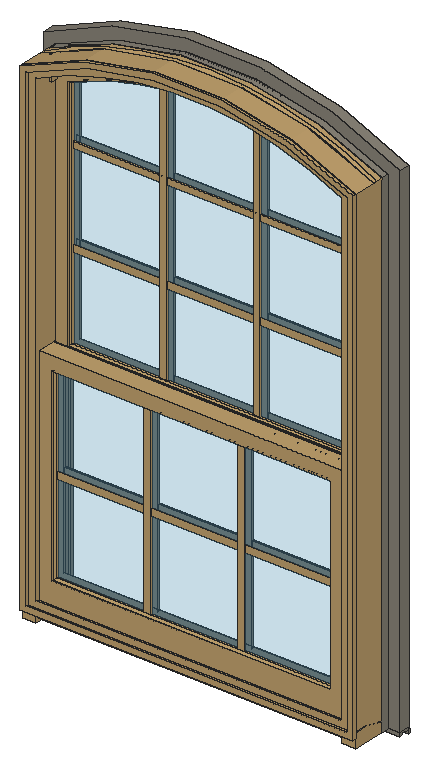
Revit family "Window-Double_Hung-Marvin-Next_Generation_Round_Top_RT6-Clad_Ultimate new new", category Windows, host Wall, Revit 2013
Parameters (values of type "Not A Type - Load Type Catalog")
  Warranty = "www.marvin.com/support/warranty?menu=marvin"
  Wall Width [instance] = 0' - 6"
  URL = "www.marvin.com/"
  Subsill Void Width [instance] = if(Subsill C, Inset + 0' 1 3/16", 0' 0 1/32")  # 0' - 1 3/16"
  Subsill Void Height [instance] = if(Subsill C, 0' 0 73/128", 0' 0 1/32")  # 0' - 0 73/128"
  Subsill C [instance] = if(and(Casing Visibility, Subsill), 1 = 1, if(and(Casing Visibility, not(Subsill)), 1 = 0, 1 = 0))  # yes
  Subsill = yes
  Rough Width = Width + 0' 1"  # 3' - 2 1/4"
  Rough Height = Height + 0' 0 1/2"  # 5' - 0 19/32"
  Radius = 3' - 4"
  Product Page URL = "www.marvin.com/marvin/windows/double-hung"
  Product Name = "Double Hung RT6"  # constant formula
  Product Documentation Link = "www.marvin.com/download?Pub_ID=3148"
  Operation Symbol = yes
  Operation = "Double Hung"  # constant formula
  Nailer C2 [instance] = if(and(Nailer, Casing Visibility, Flat Casing), 1 = 0, if(not(Nailer), 1 = 0, if(Subsill C, 1 = 0, 1 = 1)))  # no
  Nailer C [instance] = if(and(Nailer, Casing Visibility, Flat Casing), 1 = 0, if(not(Nailer), 1 = 0, 1 = 1))  # yes
  Nailer = yes
  Muntin Width = Width - 0' 6" + 0' 0 1/8"  # 2' - 7 3/8"
  Muntin Visibility = yes
  Muntin Height Top = Height / 2 + 0' 1 19/128"  # 2' - 7 25/128"
  Muntin Height Bottom = Height / 2 - 0' 9 11/128"  # 1' - 8 123/128"
  Model = "Please Load Type Catalog"
  Material = ""
  Manufacturer Phone Number = "(800)472-8895"  # constant formula
  Manufacturer Email = "MDS@marvin.com"  # constant formula
  Manufacturer Address = "401 State Avenue North, Warroad, Minnesota 56763"  # constant formula
  Manufacturer = "Marvin Windows and Doors"  # constant formula
  Lites Wide Upper = 3
  Lites Wide Lower = 3
  Lites High Upper = 3
  Lites High Lower = 2
  Label Visibility [instance] = no
  Jamb Extension [instance] = yes
  Int Finish = Wood-Marvin-Pine
  Installation URL = "www.marvin.com/marvin/windows/double-hung?view=pro-resources&option=installation-instructions"
  Inset [instance] = 0' - 0"
  Height = 5' - 0 3/32"
  Glazing Radius = Radius - 0' 0 23/32"  # 3' - 3 9/32"
  Glazing Material = Glass-Marvin-IG Low E II with Argon
  Glass Type = "IG Low E II with ARgon"  # constant formula
  Frame Type = "Aluminum Clad"  # constant formula
  Flat Casing [instance] = no
  Ext Finish = Aluminum-Marvin-Bronze
  Egress Note = ""
  Design Pressure = "DP50"  # constant formula
  Description = if(Subsill, "Double Hung RT6 Marvin Next Generation Round Top Window Subsill Included", "Double Hung RT6 Marvin Next Generation Round Top Window Subsill Not Included")  # "Double Hung RT6 Marvin Next Generation Round Top Window Subsill Included"
  Default Sill Height = 3' - 0"
  Wall Closure = By host
  Width = 3' - 1 1/4"
  DLO Width Bottom Sash = DLO Width - 0' 0 67/256"  # 1' - 2 121/256"
  DLO Width = 1' - 2 47/64"
  DLO Height Bottom Sash = Height / 2 - 0' 9 189/256"  # 1' - 8 79/256"
  DLO Height = 0' - 10 3/4"
  D Length = sqrt((Radius ^ 2) - ((Width / 2) ^ 2))  # 2' - 11.39928"
  Casing Width [instance] = if(and(Casing Visibility, BMC), 0' 1 5/16", if(and(Casing Visibility, Flat Casing), 0' 3", 0' 0"))  # 0' - 1 5/16"
  Casing Visibility [instance] = yes
  Casing Radius [instance] = if(C Flat Casing Visibility, Radius + Casing Width, if(C BMC Visibility, Radius + Casing Width, Radius))  # 3' - 5 5/16"
  C Jamb Extension Visibility [instance] = if(C Jamb Extension = 0' 0 1/32", 1 = 0, Jamb Extension)  # yes
  C Jamb Extension [instance] = if(Wall Width - Inset - 0' 5 83/128" < 0' 0 1/32", 0' 0 1/32", Wall Width - Inset - 0' 5 83/128")  # 0' - 0 45/128"
  C Flat Casing Visibility [instance] = if(and(Casing Visibility, Flat Casing), 1 = 1, 1 = 0)  # no
  C BMC Visibility [instance] = if(and(Casing Visibility, BMC), 1 = 1, 1 = 0)  # yes
  BMC [instance] = not(Flat Casing)  # yes
  Arc Height = Radius - D Length  # 0' - 4.60072"
Reference planes (in)
  plane 1 "Center (Front/Back)": y = 0
  plane 2: z = 0
  plane 3 "Center (Left/Right)": x = 0
  plane 4 "Left": x = -18.625
  plane 5 "Right": x = 18.625
  plane 6 "Sill": z = 36
  plane 7 "Top": z = 96.09375
  plane 8 "Inset": y = 4.09942
  plane 9 "INT": y = -1.90058
  plane 10 "EXT": y = 4.09942
  plane 11 "Glazing Ext": y = 1.9594
  plane 12 "Glazing Int": y = -0.2646
  plane 13 "Jamb Ext": y = -1.5486
  plane 14: z = 62.36831
  plane 15: z = 93.46575
  plane 16: z = 40.21198
  plane 17: z = 62.02477
  plane 18: z = 62.71185
  plane 19: x = -16.00003
  plane 20: x = 16.00003
  plane 21: x = -17.036
  plane 22: x = 17.036
  plane 23: z = 94.51475
  plane 24: z = 37.54439
  plane 25: z = 63.12481
  plane 26: z = 61.48582
  plane 27: y = 2.39937
  plane 28: y = 1.51942
  plane 29: y = 1.64442
  plane 30: y = 2.27437
  plane 31: y = 0.17521
  plane 32: y = -0.70441
  plane 33: y = -0.57941
  plane 34: y = 0.05021
  plane 35: z = 78.0888
  plane 36: z = 51.11837
  plane 37 "Casing": y = 3.00567
  plane 38: y = 4.16192
  plane 39: z = 91.49303
  plane 40: z = 36.90494
  plane 41: y = -2.0486
  plane 42: z = 66.83887
Forms (in)
  Extrusion 1, void
    sketch origin (0, 0, 0) x (1, 0, 0) y (0, 0, 1)
      loop
        line (18.625, 36) -> (18.625, 91.49303)
        arc (18.625, 91.49303) -> (0, 96.09375) -> (-18.625, 91.49303) r 40
        line (-18.625, 91.49303) -> (-18.625, 36) -> (18.625, 36)
    from -4.09942 to -1.9594
  Sweep 2, solid, material "Aluminum-Marvin-Bronze" <- "Ext Finish"
    path origin (0, 1.9594, 0) x (-1, 0, 0) y (0, 0, 1)
      loop
        line (-18.625, 36) -> (-18.625, 91.43079)
    profile "Jamb Clad Profile : Jamb Clad Profile" origin (18.625, 1.9594, 63.71539) x (1, 0, 0) y (0, 1, 0)
      loop
        line (0, 0.106) -> (0, 2.14002) -> (-0.58673, 2.14002) -> (-0.73855, 1.279) -> (-1.795, 1.279) -> (-1.795, 0.931) -> (-1.5, 0.931) -> (-1.5, 0.106) -> (-0.5275, 0.106) -> (-0.5275, -0.4025) -> (-1.4375, -0.4025) -> (-1.4375, -2.105) -> (-0.5275, -2.105) -> (-0.5275, -2.901) -> (-0.465, -2.901) -> (-0.465, 0.106) -> (0, 0.106)
  Sweep 3, solid, material "Aluminum-Marvin-Bronze" <- "Ext Finish"
    path origin (0, -0.2646, 0) x (-1, 0, 0) y (0, 0, 1)
      loop
        line (-18.625, 36) -> (18.625, 36)
    profile "Sill Profile Clad : Sill Profile Clad" origin (0, -0.2646, 36) x (0, 0, 1) y (0, 1, 0)
      loop
        line (1.62995, -1.01795) -> (1.62995, 0.17511) -> (0.80053, 3.50208) -> (0.72866, 3.50208) -> (0.57686, 4.36309) -> (-0.00002, 4.36309) -> (-0.00002, 2.91947) -> (0.82979, 3.12634) -> (1.56745, 0.16743) -> (1.56745, -1.01795) -> (1.62995, -1.01795)
  Sweep 4, solid, material "Aluminum-Marvin-Bronze" <- "Ext Finish"
    path origin (0, 1.9594, 0) x (-1, 0, 0) y (0, 0, 1)
      loop
        line (-18.625, 61.48582) -> (-18.625, 91.49303)
        arc (-18.625, 91.49303) -> (0, 96.09375) -> (18.625, 91.49303) r 40
        line (18.625, 91.49303) -> (18.625, 61.48582)
    profile "Jamb Sash Clad Profile : Jamb Sash Clad Profile" origin (18.625, 1.9594, 76.48943) x (1, 0, 0) y (0, 1, 0)
      loop
        line (-1.589, 0.44) -> (-1.589, 0.821) -> (-3.057, 0.821) -> (-3.057, 0.70236) -> (-3.25619, 0.50317) -> (-3.25619, 0.44) -> (-1.589, 0.44)
  Sweep 5, solid, material "Aluminum-Marvin-Bronze" <- "Ext Finish"
    path origin (0, -0.2646, 0) x (-1, 0, 0) y (0, 0, 1)
      loop
        line (-18.625, 37.54439) -> (-18.625, 62.71185)
    profile "Jamb Sash Clad Profile : Jamb Sash Clad Profile" origin (18.625, -0.2646, 50.12812) x (1, 0, 0) y (0, 1, 0)
      loop
        line (-1.589, 0.44) -> (-1.589, 0.821) -> (-3.057, 0.821) -> (-3.057, 0.70236) -> (-3.25619, 0.50317) -> (-3.25619, 0.44) -> (-1.589, 0.44)
  Sweep 6, solid, material "Wood-Marvin-Pine" <- "Int Finish"
    path origin (0, 1.9594, 0) x (-1, 0, 0) y (0, 0, 1)
      loop
        line (-17.036, 62.36831) -> (17.036, 62.36831)
    profile "Checkrail Sash Wood Profile : Checkrail Sash Wood Profile" origin (0, 1.9594, 62.36831) x (0, 0, 1) y (0, 1, 0)
      loop
        line (0.7565, -1.02201) -> (0.7565, -0.83002) -> (0.97551, -0.6366) -> (0.97551, -0.43999) -> (0.21851, -0.43999) -> (0.21851, 0.4405) -> (-0.83249, 0.4405) -> (-0.83249, -1.02201) -> (0.7565, -1.02201)
      loop
        line (-0.74255, -3.148) -> (0.7565, -3.148) -> (0.7565, -1.10852) -> (0.694, -1.10852) -> (0.694, -1.7843) -> (-0.20454, -1.7843) -> (-0.20454, -2.66392) -> (-0.96154, -2.66392) -> (-0.96154, -2.86055) -> (-0.74255, -3.05397) -> (-0.74255, -3.148)
  Sweep 7, solid, material "Aluminum-Marvin-Bronze" <- "Ext Finish"
    path origin (0, 1.9594, 0) x (-1, 0, 0) y (0, 0, 1)
      loop
        line (-17.036, 62.36831) -> (17.036, 62.36831)
    profile "Checkrail Sash Clad Profile : Checkrail Sash Clad Profile" origin (0, 1.9594, 62.36831) x (0, 0, 1) y (0, 1, 0)
      loop
        line (0.97435, 0.50323) -> (0.77522, 0.70235) -> (0.77522, 0.821) -> (-0.88249, 0.821) -> (-0.88249, -1.309) -> (-0.49349, -1.309) -> (-0.49349, -1.259) -> (-0.83249, -1.259) -> (-0.83249, 0.4405) -> (0.97435, 0.4405) -> (0.97435, 0.50323)
      loop
        line (-0.96187, -1.72163) -> (-0.96187, -1.7843) -> (0.69367, -1.7843) -> (0.69367, -1.10998) -> (-0.62586, -1.10998) -> (-0.62586, -1.15997) -> (-0.34683, -1.15997) -> (-0.34683, -1.40297) -> (-0.76183, -1.40297) -> (-0.76183, -1.52161) -> (-0.96187, -1.72163)
  Sweep 8, solid, material "Wood-Marvin-Pine" <- "Int Finish", visible <- "C Jamb Extension Visibility"
    path origin (0, -1.5486, 0) x (-1, 0, 0) y (0, 0, 1)
      loop
        line (-18.625, 36.90494) -> (18.625, 36.90494) -> (18.625, 91.49303)
        arc (18.625, 91.49303) -> (0, 96.09375) -> (-18.625, 91.49303) r 40
        line (-18.625, 91.49303) -> (-18.625, 36.90494)
    profile origin (18.625, -1.5486, 64.19899) x (1, 0, 0) y (0, 1, 0)
      loop
        line (0, 0) -> (-0.625, 0) -> (-0.625, -0.35156) -> (0, -0.35156) -> (0, 0)
  Extrusion 9, void
    sketch origin (0, -1.5486, 0) x (-1, 0, 0) y (0, 0, 1)
      loop
        line (-19.9375, 36) -> (19.9375, 36) -> (19.9375, 92.27688)
        arc (19.9375, 92.27688) -> (0, 97.40625) -> (-19.9375, 92.27688) r 41.3125
        line (-19.9375, 92.27688) -> (-19.9375, 36)
    from 4.55427 to 5.71052
  Sweep 10, solid, material "Aluminum-Marvin-Bronze" <- "Ext Finish", visible <- "Subsill C"
    path origin (0, 4.09942, 0) x (-1, 0, 0) y (0, 0, 1)
      loop
        line (-19.9375, 36) -> (19.9375, 36)
    profile "Clad Subsill Profile : Clad Subsill Profile" origin (0, 4.09942, 36) x (0, 0, 1) y (0, 1, 0)
      loop
        line (-0.17936, 0.2553) -> (-0.5702, 0.2553) -> (-0.5702, 0.09909) -> (-0.23247, 0.09909) -> (-0.10077, -0.83801) -> (-0.32566, -0.83801) -> (-0.32566, -1.12389) -> (0, -1.12389) -> (0, 0) -> (-0.14348, 0) -> (-0.17936, 0.2553)
  Extrusion 11, void
    sketch origin (0, 0, 0) x (0, 1, 0) y (0, 0, 1)
      loop
        line (4.16192, 35.42969) -> (4.16192, 36) -> (2.97442, 36) -> (2.97442, 35.42969) -> (4.16192, 35.42969)
    from -19.9375 to 19.9375
  Extrusion 12, solid, material "Glass-Marvin-IG Low E II with Argon" <- "Glazing Material"
    sketch origin (0, 4.09942, 0) x (-1, 0, 0) y (0, 0, 1)
      loop
        line (-16.00003, 62.71185) -> (16.00003, 62.71185) -> (16.00003, 90.0595)
        arc (16.00003, 90.0595) -> (0, 93.46575) -> (-16.00003, 90.0595) r 39.28125
        line (-16.00003, 90.0595) -> (-16.00003, 62.71185)
    from -2.58 to -2.455
  Extrusion 13, solid, material "Glass-Marvin-IG Low E II with Argon" <- "Glazing Material"
    sketch origin (0, 4.09942, 0) x (-1, 0, 0) y (0, 0, 1)
      loop
        line (-16.00003, 62.71185) -> (16.00003, 62.71185) -> (16.00003, 90.0595)
        arc (16.00003, 90.0595) -> (0, 93.46575) -> (-16.00003, 90.0595) r 39.28125
        line (-16.00003, 90.0595) -> (-16.00003, 62.71185)
    from -1.82505 to -1.70005
  Extrusion 14, solid, material "Glass-Marvin-IG Low E II with Argon" <- "Glazing Material"
    sketch origin (0, 0, 0) x (0, 1, 0) y (0, 0, 1)
      loop
        line (0.17571, 62.02477) -> (0.05021, 62.02477) -> (0.05021, 40.21198) -> (0.17571, 40.21198) -> (0.17571, 62.02477)
      loop
        line (-0.57941, 62.02477) -> (-0.70441, 62.02477) -> (-0.70441, 40.21198) -> (-0.57941, 40.21198) -> (-0.57941, 62.02477)
    from -16.00003 to 16.00003
  Sweep 15, solid, material "Wood-Marvin-Pine" <- "Int Finish"
    path origin (0, -0.2646, 0) x (-1, 0, 0) y (0, 0, 1)
      loop
        line (-18.625, 36) -> (18.625, 36)
    profile "Sill Profile Wood : Sill Profile Wood" origin (0, -0.2646, 36) x (0, 0, 1) y (0, 1, 0)
      loop
        line (0.90494, -1.01795) -> (0.90494, -1.28394) -> (2.22994, -1.28394) -> (2.22994, -1.01794) -> (1.56745, -1.01794) -> (1.56745, 0.16743) -> (0.82979, 3.12634) -> (-0.00002, 2.91947) -> (-0.00002, 0.60918) -> (0.40562, -1.01795) -> (0.90494, -1.01795)
  Sweep 16, solid, material "Aluminum-Marvin-Bronze" <- "Ext Finish"
    path origin (0, 1.9594, 0) x (1, 0, 0) y (0, 0, 1)
      loop
        line (-18.625, 36.68053) -> (-18.625, 91.43053)
    profile "Jamb Clad Profile : Jamb Clad Profile" origin (-18.625, 1.9594, 64.05553) x (1, 0, 0) y (0, 1, 0)
      loop
        line (0, 0.106) -> (0.465, 0.106) -> (0.465, -2.901) -> (0.5275, -2.901) -> (0.5275, -2.105) -> (1.4375, -2.105) -> (1.4375, -0.4025) -> (0.5275, -0.4025) -> (0.5275, 0.106) -> (1.5, 0.106) -> (1.5, 0.931) -> (1.795, 0.931) -> (1.795, 1.279) -> (0.73855, 1.279) -> (0.58673, 2.14002) -> (0, 2.14002) -> (0, 0.106)
  Sweep 17, solid, material "Wood-Marvin-Pine" <- "Int Finish"
    path origin (0, 1.9594, 0) x (1, 0, 0) y (0, 0, 1)
      loop
        line (-18.625, 36) -> (-18.625, 91.49303)
    profile "Jamb Wood Profile : Jamb Wood Profile" origin (-18.625, 1.9594, 63.74652) x (1, 0, 0) y (0, 1, 0)
      loop
        line (0, -3.508) -> (1.49505, -3.508) -> (1.49505, -2.901) -> (0.465, -2.901) -> (0.465, 0.106) -> (0, 0.106) -> (0, -3.508)
  Sweep 18, solid, material "Wood-Marvin-Pine" <- "Int Finish"
    path origin (0, 1.9594, 0) x (-1, 0, 0) y (0, 0, 1)
      loop
        line (-18.625, 36) -> (-18.625, 91.49303)
    profile "Jamb Wood Profile : Jamb Wood Profile" origin (18.625, 1.9594, 63.74652) x (1, 0, 0) y (0, 1, 0)
      loop
        line (0, -3.508) -> (0, 0.106) -> (-0.465, 0.106) -> (-0.465, -2.901) -> (-1.49505, -2.901) -> (-1.49505, -3.508) -> (0, -3.508)
  Sweep 19, solid, material "Aluminum-Marvin-Bronze" <- "Ext Finish"
    path origin (0, 1.9594, 0) x (-1, 0, 0) y (0, 0, 1)
      loop
        line (-18.625, 61.48582) -> (-18.625, 91.49303)
        arc (-18.625, 91.49303) -> (0, 96.09375) -> (18.625, 91.49303) r 40
        line (18.625, 91.49303) -> (18.625, 61.48582)
    profile "Header Clad Profile : Header Clad Profile" origin (18.625, 1.9594, 76.48943) x (1, 0, 0) y (0, 1, 0)
      loop
        line (-0.57678, 2.13999) -> (-0.7286, 1.27899) -> (-1.785, 1.27899) -> (-1.785, 0.93099) -> (-1.483, 0.93099) -> (-1.483, 0.83199) -> (-0.065, 0.83199) -> (-0.065, 0.21199) -> (0, 0.21199) -> (0, 2.13999) -> (-0.57678, 2.13999)
  Sweep 20, solid, material "Wood-Marvin-Pine" <- "Int Finish"
    path origin (0, 1.9594, 0) x (-1, 0, 0) y (0, 0, 1)
      loop
        line (-18.625, 89.49303) -> (-18.625, 91.49303)
        arc (-18.625, 91.49303) -> (0, 96.09375) -> (18.625, 91.49303) r 40
        line (18.625, 91.49303) -> (18.625, 89.49303)
    profile "Header Wood Profile : Header Wood Profile" origin (0, 1.9594, 96.09375) x (0, 0, 1) y (0, 1, 0)
      loop
        line (-1.4835, -1.68801) -> (-1.4835, -3.50801) -> (0, -3.50801) -> (0, -1.00544) -> (-0.1575, -0.94811) -> (0, -0.51539) -> (0, 0.21199) -> (-0.065, 0.21199) -> (-0.065, 0.83199) -> (-0.6277, 0.83199) -> (-0.6277, 0.21199) -> (-0.8157, 0.21199) -> (-0.8157, 0.83199) -> (-1.4837, 0.83199) -> (-1.4837, -1.00201) -> (-1.7846, -1.00201) -> (-1.7846, -1.68801) -> (-1.4835, -1.68801)
  Sweep 21, solid, material "Aluminum-Marvin-Bronze" <- "Ext Finish"
    path origin (0, -0.2646, 0) x (1, 0, 0) y (0, 0, 1)
      loop
        line (-18.625, 37.54439) -> (-18.625, 62.71185)
    profile "Jamb Sash Clad Profile : Jamb Sash Clad Profile" origin (-18.625, -0.2646, 50.12812) x (1, 0, 0) y (0, 1, 0)
      loop
        line (1.589, 0.44) -> (3.25619, 0.44) -> (3.25619, 0.50317) -> (3.057, 0.70236) -> (3.057, 0.821) -> (1.589, 0.821) -> (1.589, 0.44)
  Sweep 22, solid, material "Wood-Marvin-Pine" <- "Int Finish"
    path origin (0, -0.2646, 0) x (-1, 0, 0) y (0, 0, 1)
      loop
        line (-18.625, 37.54439) -> (-18.625, 63.12481)
    profile "Jamb Sash Wood Profile : Jamb Sash Wood Profile" origin (18.625, -0.2646, 50.3346) x (1, 0, 0) y (0, 1, 0)
      loop
        line (-3.038, -0.924) -> (-1.589, -0.924) -> (-1.589, 0.44) -> (-2.5, 0.44) -> (-2.5, -0.44) -> (-3.257, -0.44) -> (-3.257, -0.63659) -> (-3.038, -0.83) -> (-3.038, -0.924)
  Sweep 23, solid, material "Wood-Marvin-Pine" <- "Int Finish"
    path origin (0, -0.2646, 0) x (1, 0, 0) y (0, 0, 1)
      loop
        line (-18.625, 37.54439) -> (-18.625, 63.12481)
    profile "Jamb Sash Wood Profile : Jamb Sash Wood Profile" origin (-18.625, -0.2646, 50.3346) x (1, 0, 0) y (0, 1, 0)
      loop
        line (3.038, -0.924) -> (3.038, -0.83) -> (3.257, -0.63659) -> (3.257, -0.44) -> (2.5, -0.44) -> (2.5, 0.44) -> (1.589, 0.44) -> (1.589, -0.924) -> (3.038, -0.924)
  Sweep 24, solid, material "Aluminum-Marvin-Bronze" <- "Ext Finish"
    path origin (0, -0.2646, 0) x (-1, 0, 0) y (0, 0, 1)
      loop
        line (-17.036, 36) -> (17.036, 36)
    profile "Sill Sash Clad Profile : Sill Sash Clad Profile" origin (0, -0.2646, 36) x (0, 0, 1) y (0, 1, 0)
      loop
        line (1.91995, 0.43963) -> (4.84396, 0.43963) -> (4.84396, 0.50237) -> (4.64399, 0.70235) -> (4.64399, 0.82107) -> (1.54439, 0.82107) -> (1.6142, 0.54105) -> (1.91995, 0.54105) -> (1.91995, 0.43963)
  Sweep 25, solid, material "Wood-Marvin-Pine" <- "Int Finish"
    path origin (0, -0.2646, 0) x (-1, 0, 0) y (0, 0, 1)
      loop
        line (-17.036, 36) -> (17.036, 36)
    profile "Sill Sash Wood Profile : Sill Sash Wood Profile" origin (0, -0.2646, 36) x (0, 0, 1) y (0, 1, 0)
      loop
        line (4.84396, -0.6366) -> (4.84396, -0.43999) -> (4.08698, -0.43999) -> (4.08698, 0.43963) -> (1.91995, 0.43963) -> (1.91995, -0.924) -> (4.62495, -0.924) -> (4.62495, -0.83) -> (4.84396, -0.6366)
  Sweep 26, solid, material "Wood-Marvin-Pine" <- "Int Finish"
    path origin (0, 1.9594, 0) x (-1, 0, 0) y (0, 0, 1)
      loop
        line (-18.625, 61.48582) -> (-18.625, 91.49303)
        arc (-18.625, 91.49303) -> (0, 96.09375) -> (18.625, 91.49303) r 40
        line (18.625, 91.49303) -> (18.625, 61.48582)
    profile "Jamb Sash Wood Profile : Jamb Sash Wood Profile" origin (18.625, 1.9594, 76.48943) x (1, 0, 0) y (0, 1, 0)
      loop
        line (-3.038, -0.924) -> (-1.589, -0.924) -> (-1.589, 0.44) -> (-2.5, 0.44) -> (-2.5, -0.44) -> (-3.257, -0.44) -> (-3.257, -0.63659) -> (-3.038, -0.83) -> (-3.038, -0.924)
  Extrusion 27, void
    sketch origin (0, 0, 0) x (1, 0, 0) y (0, 0, 1)
      loop
        line (18.625, 36.90494) -> (18.625, 91.49303)
        arc (18.625, 91.49303) -> (0, 96.09375) -> (-18.625, 91.49303) r 40
        line (-18.625, 91.49303) -> (-18.625, 36.90494) -> (18.625, 36.90494)
    from -1.9594 to 2.0486
  Sweep 28, solid, material "Wood-Marvin-Pine" <- "Int Finish"
    path origin (0, -0.2646, 0) x (-1, 0, 0) y (0, 0, 1)
      loop
        line (17.036, 91.49303) -> (17.036, 63.12481)
    profile origin (-17.036, -0.2646, 77.30892) x (0, 1, 0) y (-1, 0, 0)
      loop
        line (-1.284, 0.22113) -> (-1.284, 0.09395) -> (1.3, 0.09395) -> (1.3, 0.22113) -> (-1.284, 0.22113)
      loop
        line (-1.284, -34.16595) -> (-1.284, -34.29313) -> (1.3, -34.29313) -> (1.3, -34.16595) -> (-1.284, -34.16595)
Cuts and joins
  joined: Sweep 15, Sweep 17, Sweep 18, Sweep 20, Sweep 28
  joined: Sweep 6, Sweep 22, Sweep 23, Sweep 25, Sweep 26
  joined: Sweep 4, Sweep 5, Sweep 7, Sweep 21, Sweep 24
  joined: Sweep 2, Sweep 3, Sweep 16, Sweep 19
Lines and regions (in)
  Masking region 1
    outline origin (0, 0, 36) x (0, -1, 0) y (1, 0, 0)
      loop
        line (-2.39937, -16.00003) -> (-1.51942, -16.00003) -> (-1.51942, 16.00003) -> (-2.39937, 16.00003) -> (-2.39937, -16.00003)
      loop
        line (-0.17521, -16.00003) -> (0.70441, -16.00003) -> (0.70441, 16.00003) -> (-0.17521, 16.00003) -> (-0.17521, -16.00003)
  Masking region 2, visible <- "C Jamb Extension Visibility"
    outline origin (0, 0, 36) x (0, -1, 0) y (1, 0, 0)
      loop
        line (1.5486, -18.625) -> (1.90017, -18.625) -> (1.90017, -18) -> (1.5486, -18) -> (1.5486, -18.625)
      loop
        line (1.5486, 18) -> (1.90017, 18) -> (1.90017, 18.625) -> (1.5486, 18.625) -> (1.5486, 18)
  Masking region 3, visible <- "C Jamb Extension Visibility"
    outline origin (0, 0, 0) x (0, 1, 0) y (0, 0, 1)
      loop
        line (-1.5486, 96.09375) -> (-1.90017, 96.09375) -> (-1.90017, 95.46875) -> (-1.5486, 95.46875) -> (-1.5486, 96.09375)
      loop
        line (-1.5486, 36.90494) -> (-1.5486, 37.52994) -> (-1.90017, 37.52994) -> (-1.90017, 36.90494) -> (-1.5486, 36.90494)
  Masking region 4
    outline origin (0, 0, 0) x (0, 1, 0) y (0, 0, 1)
      loop
        line (2.39937, 93.46575) -> (1.51942, 93.46575) -> (1.51942, 62.71185) -> (2.39937, 62.71185) -> (2.39937, 93.46575)
      loop
        line (0.17571, 62.02477) -> (-0.70441, 62.02477) -> (-0.70441, 40.21198) -> (0.17571, 40.21198) -> (0.17571, 62.02477)
  symbolic lines, style "WindowsGlassProjection", detail levels fine
    curve 1: line (-16.00003, 2.27437, 36) -> (16.00003, 2.27437, 36)
    curve 2: line (16.00003, 2.27437, 36) -> (16.00003, 1.64442, 36)
    curve 3: line (16.00003, 1.64442, 36) -> (-16.00003, 1.64442, 36)
    curve 4: line (-16.00003, 0.05021, 36) -> (16.00003, 0.05021, 36)
    curve 5: line (16.00003, 0.05021, 36) -> (16.00003, -0.57941, 36)
    curve 6: line (16.00003, -0.57941, 36) -> (-16.00003, -0.57941, 36)
    curve 7: line (0, 2.27437, 93.46575) -> (0, 2.27437, 62.71185)
    curve 8: line (0, 0.05021, 62.02477) -> (0, 0.05021, 40.21198)
    curve 9: line (0, 1.64442, 93.46575) -> (0, 1.64442, 62.71185)
    curve 10: line (0, -0.57941, 62.02477) -> (0, -0.57941, 40.21198)
Text (in)
  text "EXTERIOR" at (-58.6888, 50.90694, 0), in view "Ref. Level"
  text "INTERIOR" at (-58.6888, -37.76638, 0), in view "Ref. Level"
  text "Exterior" at (0, 43.65631, 123.19604), in view "Left"
  text "Exterior" at (0, 18.29385, 125.04747), in view "Right"
Dimensions and locks (in)
  equal spacing: plane 4 "Left", plane 3 "Center (Left/Right)", plane 5 "Right"
  "Width": plane 4 "Left" to plane 5 "Right"
  "Height": plane 6 "Sill" to plane 7 "Top"
  "Default Sill Height": plane 2 to plane 6 "Sill"
  "Wall Width": host wall to host wall
  locked: host wall to plane 9 "INT" at 0
  locked: plane 10 "EXT" to host wall at 0
  plane 8 "Inset" to plane 11 "Glazing Ext" to plane 12 "Glazing Int" to plane 13 "Jamb Ext" = 0' - 2.14002" locked, 0' - 2.224" locked, 0' - 1.284" locked
  plane 6 "Sill" to plane 24 to plane 16 = 0' - 1.54439" locked, 0' - 2.66759" locked
  plane 15 to plane 23 to plane 7 "Top" = 0' - 1.049" locked, 0' - 1.579" locked
  plane 26 to plane 17 to plane 14 to plane 18 to plane 25 = 0' - 0.53895" locked, 0' - 0.34354" locked, 0' - 0.34354" locked, 0' - 0.41296" locked
  plane 4 "Left" to plane 21 to plane 19 = 0' - 1.589" locked, 0' - 1.03597" locked
  plane 20 to plane 22 to plane 5 "Right" = 0' - 1.03597" locked, 0' - 1.589" locked
  "C Jamb Extension": plane 13 "Jamb Ext" to Sweep 8 sketch curve
  equal spacing: plane 15, plane 35, plane 18
  equal spacing: plane 17, plane 36, plane 16
  locked: plane 8 "Inset" to plane 37 "Casing" at 1.09375
  locked: plane 38 to host wall at 0.0625
  "Casing Width": plane 5 "Right" to Sweep 10 sketch curve
  "Casing Width": Sweep 10 sketch curve to plane 4 "Left"
  "Subsill Void Height": Extrusion 11 sketch curve to plane 6 "Sill"
  "Subsill Void Width": plane 38 to Extrusion 11 sketch curve
  "Casing Width": Extrusion 11 to plane 4 "Left"
  "Casing Width": plane 5 "Right" to Extrusion 11
  locked: plane 4 "Left" to Masking region 2 sketch curve at 0.625
  locked: Masking region 2 sketch curve to plane 5 "Right" at 0.625
  "C Jamb Extension": plane 13 "Jamb Ext" to Masking region 2 sketch curve  (x2)
  locked: plane 40 to Masking region 3 sketch curve at 0.625
  locked: Masking region 3 sketch curve to plane 7 "Top" at 0.625
  "C Jamb Extension": plane 13 "Jamb Ext" to Masking region 3 sketch curve  (x2)
  "Inset": plane 10 "EXT" to plane 8 "Inset"
  "Arc Height": plane 39 to plane 7 "Top"
  locked: plane 33 to plane 32 at 0.125
  locked: plane 31 to plane 34 at 0.125
  locked: plane 29 to plane 28 at 0.125
  locked: plane 27 to plane 30 at 0.125
  equal spacing: plane 27, plane 11 "Glazing Ext", plane 28, locked at 0.43997 each
  locked: plane 27 to plane 28 at 0.87995
  equal spacing: plane 31, plane 12 "Glazing Int", plane 32
  locked: plane 31 to plane 32 at 0.87962
  locked: plane 6 "Sill" to plane 40 at 0.90494
  locked: plane 9 "INT" to plane 41 at 0.14802
  Sweep 28 sketch curve to Sweep 28 sketch curve to plane 21 = 0' - 0.12717" locked, 0' - 0.09395" locked
  locked: Sweep 28 sketch curve to plane 12 "Glazing Int" at 1.3  (x2)
  plane 22 to Sweep 28 sketch curve to Sweep 28 sketch curve = 0' - 0.09395" locked, 0' - 0.12717" locked
  equal spacing: plane 16, plane 42, plane 15
  locked: plane 25 to plane 42 at 3.71406
  "Casing Width": Extrusion 9 sketch curve to plane 4 "Left"
  "Casing Width": plane 7 "Top" to Extrusion 9 sketch curve
  "Casing Width": plane 5 "Right" to Extrusion 9 sketch curve
  locked: plane 7 "Top" to Extrusion 1 sketch curve
  locked: Sweep 2 sketch curve to plane 39 at 0.06225
  locked: Sweep 16 sketch curve to plane 39 at 0.0625
  locked: plane 7 "Top" to Sweep 19 sketch curve
  locked: plane 7 "Top" to Sweep 20 sketch curve
  locked: Sweep 20 sketch curve to plane 39 at 2  (x2)
  locked: plane 7 "Top" to Sweep 8 sketch curve
  locked: plane 7 "Top" to Sweep 26 sketch curve at 0
  locked: plane 7 "Top" to Sweep 4 sketch curve at 0
  Extrusion 12 sketch curve to Extrusion 12 sketch curve to plane 39 = 0' - 0" locked, 0' - 1.43353" locked
  Extrusion 13 sketch curve to Extrusion 13 sketch curve to plane 39 = 0' - 0" locked, 0' - 1.43353" locked
  locked: plane 7 "Top" to Extrusion 27 sketch curve at 0
  "Casing Radius": radius of Extrusion 9 sketch curve
  "Radius": radius of Extrusion 1 sketch curve
  "Radius": radius of Sweep 19 sketch curve
  "Radius": radius of Sweep 20 sketch curve
  "Radius": radius of Sweep 8 sketch curve
  "Radius": radius of Sweep 26 sketch curve
  "Radius": radius of Sweep 4 sketch curve
  "Glazing Radius": radius of Extrusion 12 sketch curve
  "Glazing Radius": radius of Extrusion 13 sketch curve
  "Radius": radius of Extrusion 27 sketch curve
  aligned and locked: level to plane 2
  aligned and locked: nested 1 to plane 4 "Left"
  aligned and locked: plane 11 "Glazing Ext" to nested 1
  aligned and locked: nested 2 to plane 5 "Right"
  aligned and locked: nested 2 to plane 11 "Glazing Ext"
  aligned and locked: plane 11 "Glazing Ext" to nested 3
  aligned and locked: nested 3 to plane 7 "Top"
  aligned and locked: nested 4 to plane 6 "Sill"
  aligned and locked: plane 12 "Glazing Int" to nested 4
  aligned and locked: nested 5 to plane 14
  aligned and locked: plane 11 "Glazing Ext" to nested 5
  aligned and locked: plane 10 "EXT" to Extrusion 1
  aligned and locked: plane 5 "Right" to Sweep 2 sketch curve
  aligned and locked: plane 6 "Sill" to Sweep 2 sketch curve
  aligned and locked: plane 6 "Sill" to Sweep 3 sketch curve
  aligned and locked: plane 4 "Left" to Sweep 3 sketch curve
  aligned and locked: plane 5 "Right" to Sweep 3 sketch curve
  aligned and locked: plane 22 to Sweep 6 sketch curve
  aligned and locked: plane 21 to Sweep 6 sketch curve
  aligned and locked: plane 21 to Sweep 7 sketch curve
  aligned and locked: plane 22 to Sweep 7 sketch curve
  aligned and locked: Sweep 8 sketch curve to plane 13 "Jamb Ext"
  aligned and locked: plane 8 "Inset" to nested 6
  aligned and locked: plane 4 "Left" to nested 7
  aligned and locked: nested 7 to plane 8 "Inset"
  aligned and locked: plane 5 "Right" to nested 6
  aligned and locked: plane 7 "Top" to nested 8
  aligned and locked: plane 8 "Inset" to nested 8
  aligned and locked: plane 8 "Inset" to nested 9
  aligned and locked: plane 5 "Right" to nested 9
  aligned and locked: plane 4 "Left" to nested 10
  aligned and locked: nested 10 to plane 8 "Inset"
  aligned and locked: plane 7 "Top" to nested 11
  aligned and locked: plane 8 "Inset" to nested 11
  aligned and locked: plane 38 to Extrusion 9
  aligned and locked: Extrusion 9 to plane 37 "Casing"
  aligned and locked: nested 12 to plane 6 "Sill"
  aligned and locked: plane 8 "Inset" to nested 12
  aligned and locked: plane 6 "Sill" to Sweep 10 sketch curve
  aligned and locked: Extrusion 11 sketch curve to plane 6 "Sill"
  aligned and locked: plane 38 to Extrusion 11 sketch curve
  aligned and locked: plane 19 to curve 1
  aligned and locked: plane 19 to curve 4
  aligned and locked: plane 19 to curve 6
  aligned and locked: plane 30 to curve 1
  aligned and locked: plane 20 to curve 2
  aligned and locked: plane 20 to curve 3
  aligned and locked: plane 20 to curve 5
  aligned and locked: plane 20 to curve 6
  aligned and locked: Masking region 2 sketch curve to plane 4 "Left"
  aligned and locked: plane 5 "Right" to Masking region 2 sketch curve
  aligned and locked: Masking region 2 sketch curve to plane 13 "Jamb Ext"  (x2)
  aligned and locked: nested 3 to Masking region 3 sketch curve
  aligned and locked: plane 15 to curve 7
  aligned and locked: plane 15 to curve 9
  aligned and locked: plane 18 to curve 9
  aligned and locked: plane 18 to curve 7
  aligned and locked: plane 17 to curve 10
  aligned and locked: plane 17 to curve 8
  aligned and locked: plane 29 to curve 9
  aligned and locked: curve 7 to plane 30
  aligned and locked: curve 8 to plane 34
  aligned and locked: plane 33 to curve 10
  aligned and locked: plane 16 to curve 10
  aligned and locked: plane 16 to curve 8
  aligned and locked: plane 13 "Jamb Ext" to Masking region 3 sketch curve
  aligned and locked: Masking region 3 sketch curve to plane 13 "Jamb Ext"
  aligned and locked: nested 14 to plane 36
  aligned and locked: nested 14 to plane 3 "Center (Left/Right)"
  aligned and locked: plane 3 "Center (Left/Right)" to nested 15
  aligned and locked: nested 15 to plane 36
  aligned and locked: Extrusion 12 to plane 28
  aligned and locked: plane 29 to Extrusion 12
  aligned and locked: plane 30 to Extrusion 13
  aligned and locked: plane 27 to Extrusion 13
  aligned and locked: Extrusion 14 sketch curve to Masking region 4  (x4)
  aligned and locked: plane 16 to Extrusion 14 sketch curve
  aligned and locked: Extrusion 14 sketch curve to curve 8
  aligned and locked: Extrusion 14 sketch curve to plane 17
  aligned and locked: Extrusion 14 sketch curve to curve 10
  aligned and locked: plane 20 to Extrusion 14
  aligned and locked: plane 19 to Extrusion 14
  aligned and locked: nested 15 to Extrusion 14
  aligned and locked: Extrusion 14 to nested 16
  aligned and locked: Masking region 1 sketch curve to plane 31
  aligned and locked: plane 32 to Masking region 1 sketch curve
  aligned and locked: plane 6 "Sill" to Sweep 15 sketch curve
  aligned and locked: plane 4 "Left" to Sweep 15 sketch curve
  aligned and locked: plane 5 "Right" to Sweep 15 sketch curve
  aligned and locked: plane 4 "Left" to Sweep 16 sketch curve
  aligned and locked: plane 39 to Sweep 17 sketch curve
  aligned and locked: plane 4 "Left" to Sweep 17 sketch curve
  aligned and locked: plane 6 "Sill" to Sweep 17 sketch curve
  aligned and locked: Sweep 18 sketch curve to plane 5 "Right"
  aligned and locked: plane 39 to Sweep 18 sketch curve
  aligned and locked: plane 6 "Sill" to Sweep 18 sketch curve
  aligned and locked: plane 14 to Sweep 7 sketch curve
  aligned and locked: plane 14 to Sweep 6 sketch curve
  aligned and locked: plane 5 "Right" to Sweep 5 sketch curve
  aligned and locked: plane 24 to Sweep 5 sketch curve
  aligned and locked: plane 4 "Left" to Sweep 21 sketch curve
  aligned and locked: plane 24 to Sweep 21 sketch curve
  aligned and locked: plane 25 to Sweep 22 sketch curve
  aligned and locked: plane 5 "Right" to Sweep 22 sketch curve
  aligned and locked: plane 24 to Sweep 22 sketch curve
  aligned and locked: Sweep 23 sketch curve to plane 4 "Left"
  aligned and locked: plane 24 to Sweep 23 sketch curve
  aligned and locked: plane 25 to Sweep 23 sketch curve
  aligned and locked: plane 6 "Sill" to Sweep 24 sketch curve
  aligned and locked: plane 21 to Sweep 24 sketch curve
  aligned and locked: plane 22 to Sweep 24 sketch curve
  aligned and locked: plane 6 "Sill" to Sweep 25 sketch curve
  aligned and locked: plane 21 to Sweep 25 sketch curve
  aligned and locked: plane 22 to Sweep 25 sketch curve
  aligned and locked: plane 18 to Sweep 21 sketch curve
  aligned and locked: plane 18 to Sweep 5 sketch curve
  aligned and locked: Extrusion 27 to plane 41
  aligned and locked: plane 25 to Sweep 28 sketch curve
  aligned and locked: plane 39 to Sweep 28 sketch curve
  aligned and locked: plane 21 to Sweep 28 sketch curve
  aligned and locked: Sweep 28 sketch curve to plane 13 "Jamb Ext"  (x2)
  aligned and locked: plane 36 to nested 16
  aligned and locked: nested 16 to plane 3 "Center (Left/Right)"
  aligned and locked: plane 3 "Center (Left/Right)" to nested 17
  aligned and locked: nested 17 to plane 35
  aligned and locked: nested 18 to plane 3 "Center (Left/Right)"
  aligned and locked: nested 18 to plane 6 "Sill"
  aligned and locked: plane 3 "Center (Left/Right)" to Extrusion 9 sketch curve
  aligned and locked: Extrusion 9 sketch curve to plane 6 "Sill"
  aligned and locked: plane 3 "Center (Left/Right)" to Extrusion 1 sketch curve
  aligned and locked: Extrusion 1 sketch curve to plane 5 "Right"
  aligned and locked: plane 4 "Left" to Extrusion 1 sketch curve
  aligned and locked: plane 6 "Sill" to Extrusion 1 sketch curve
  aligned and locked: plane 5 "Right" to Sweep 19 sketch curve
  aligned and locked: plane 39 to Sweep 19 sketch curve  (x2)
  aligned and locked: plane 26 to Sweep 19 sketch curve  (x2)
  aligned and locked: plane 3 "Center (Left/Right)" to Sweep 19 sketch curve
  aligned and locked: plane 4 "Left" to Sweep 20 sketch curve
  aligned and locked: plane 39 to Sweep 20 sketch curve  (x2)
  aligned and locked: Sweep 20 sketch curve to plane 5 "Right"
  aligned and locked: Sweep 8 sketch curve to plane 4 "Left"
  aligned and locked: plane 5 "Right" to Sweep 8 sketch curve
  aligned and locked: plane 39 to Sweep 8 sketch curve  (x2)
  aligned and locked: Sweep 8 sketch curve to plane 40
  aligned and locked: Sweep 26 sketch curve to plane 4 "Left"
  aligned and locked: plane 26 to Sweep 26 sketch curve  (x2)
  aligned and locked: plane 5 "Right" to Sweep 26 sketch curve
  aligned and locked: plane 39 to Sweep 26 sketch curve  (x2)
  aligned and locked: Sweep 4 sketch curve to plane 4 "Left"
  aligned and locked: plane 39 to Sweep 4 sketch curve
  aligned and locked: plane 5 "Right" to Sweep 4 sketch curve
  aligned and locked: plane 26 to Sweep 4 sketch curve  (x2)
  aligned and locked: plane 3 "Center (Left/Right)" to Sweep 4 sketch curve
  aligned and locked: plane 20 to Extrusion 12 sketch curve
  aligned and locked: plane 18 to Extrusion 12 sketch curve
  aligned and locked: plane 19 to Extrusion 12 sketch curve
  aligned and locked: plane 3 "Center (Left/Right)" to Extrusion 12 sketch curve
  aligned and locked: plane 19 to Extrusion 13 sketch curve
  aligned and locked: plane 18 to Extrusion 13 sketch curve
  aligned and locked: plane 3 "Center (Left/Right)" to Extrusion 13 sketch curve
  aligned and locked: plane 5 "Right" to Extrusion 27 sketch curve
  aligned and locked: Extrusion 27 sketch curve to plane 40
  aligned and locked: Extrusion 27 sketch curve to plane 4 "Left"
  aligned and locked: plane 39 to Extrusion 27 sketch curve
  aligned and locked: plane 3 "Center (Left/Right)" to Extrusion 27 sketch curve
  aligned and locked: nested 19 to Extrusion 13
  aligned and locked: Extrusion 12 to nested 20
  aligned and locked: nested 19 to plane 35
  aligned and locked: plane 3 "Center (Left/Right)" to nested 19
  aligned and locked: nested 20 to plane 3 "Center (Left/Right)"
  aligned and locked: plane 35 to nested 20
  aligned and locked: plane 11 "Glazing Ext" to Extrusion 27
  aligned and locked: Extrusion 1 to plane 11 "Glazing Ext"
  aligned and locked: plane 40 to Masking region 3 sketch curve
Automatic sketch dimensions
  curve 2 to plane 29 = 0' - 0"
  plane 34 to curve 5 = 0' - 0"
  curve 6 to plane 33 = 0' - 0"
  curve 3 to plane 19 = 0' - 0"
  Sweep 8 sketch curve to profile plane = 0' - 0"
  profile plane to Sweep 8 sketch curve = 0' - 0 5/8"
  Masking region 1 sketch curve to plane 20 = 0' - 0"  (x2)
  Masking region 1 sketch curve to plane 19 = 0' - 0"  (x2)
  Masking region 1 sketch curve to plane 27 = 0' - 0"
  plane 28 to Masking region 1 sketch curve = 0' - 0"
  plane 17 to Masking region 4 sketch curve = 0' - 0"
  plane 16 to Masking region 4 sketch curve = 0' - 0"
  plane 15 to Masking region 4 sketch curve = 0' - 0"
  plane 18 to Masking region 4 sketch curve = 0' - 0"
  plane 32 to Masking region 4 sketch curve = 0' - 0"
  plane 31 to Masking region 4 sketch curve = 0' - 0.0005"
  plane 28 to Masking region 4 sketch curve = 0' - 0"
  Masking region 4 sketch curve to plane 27 = 0' - 0"
  Sweep 16 sketch curve to plane 40 = 0' - 0.2244"
Nested families (in)
  nested 1: "Jamb Detail" at (-18.625, 1.9594, 36) x (1, 0, 0) z (0, 0, -1), type "Jamb Detail"
  nested 2: "Jamb Detail" at (18.625, 1.9594, 36) x (-1, 0, 0) z (0, 0, -1), type "Jamb Detail"
  nested 3: "Header Detail" at (0, 1.9594, 96.09375) x (0, -1, 0) z (1, 0, 0), type "Header Detail"
  nested 4: "Sill Detail" at (0, -0.2646, 36) x (0, -1, 0) z (1, 0, 0), type "Sill Detail"
    with Nailer no
  nested 5: "Checkrail Detail" at (0, 1.9594, 62.36831) x (0, -1, 0) z (1, 0, 0), type "Checkrail Detail"
  nested 6: "Wood Ext Trim Detail" at (18.625, 4.09942, 36) x (1, 0, 0) z (0, 0, -1), Clad Flat <- "C Flat Casing Visibility", type "Wood Ext Trim Detail"
    with Wood Flat Notch no, Wood Flat no, Wood BMC Notch no, Wood BMC no, Clad Flat no, Clad BMC no
  nested 7: "Wood Ext Trim Detail" at (-18.625, 4.09942, 36) x (-1, 0, 0) z (0, 0, -1), Clad Flat <- "C Flat Casing Visibility", type "Wood Ext Trim Detail"
    with Wood Flat Notch no, Wood Flat no, Wood BMC Notch no, Wood BMC no, Clad Flat no, Clad BMC no
  nested 8: "Wood Ext Trim Detail" at (0, 4.09942, 96.09375) x (0, 0, 1) z (1, 0, 0), Clad BMC <- "C BMC Visibility", type "Wood Ext Trim Detail"
    with Wood Flat Notch no, Wood Flat no, Wood BMC Notch no, Wood BMC no, Clad Flat no, Clad BMC yes
  nested 9: "Wood Ext Trim Detail" at (18.625, 4.09942, 36) x (1, 0, 0) z (0, 0, -1), Clad BMC <- "C BMC Visibility", type "Wood Ext Trim Detail"
    with Wood Flat Notch no, Wood Flat no, Wood BMC Notch no, Wood BMC no, Clad Flat no, Clad BMC yes
  nested 10: "Wood Ext Trim Detail" at (-18.625, 4.09942, 36) x (-1, 0, 0) z (0, 0, -1), Clad BMC <- "C BMC Visibility", type "Wood Ext Trim Detail"
    with Wood Flat Notch no, Wood Flat no, Wood BMC Notch no, Wood BMC no, Clad Flat no, Clad BMC yes
  nested 11: "Wood Ext Trim Detail" at (0, 4.09942, 96.09375) x (0, 0, 1) z (1, 0, 0), Clad Flat <- "C Flat Casing Visibility", type "Wood Ext Trim Detail"
    with Wood Flat Notch no, Wood Flat no, Wood BMC Notch no, Wood BMC no, Clad Flat no, Clad BMC no
  nested 12: "Clad Subsill Detail" at (0, 4.09942, 36) x (0, -1, 0) z (1, 0, 0), visible <- "Subsill C", type "Clad Subsill Detail"
  nested 13: "Label Annotation 1-16 w4" at (0, 17.17989, 0), visible <- "Label Visibility", type "Label Annotation 1-16 w4"
    with Nominal Width 3' - 1 1/4", Nominal Height 5' - 0 3/32"
  nested 14: "Sliding Arrow" at (0, 4.09942, 51.11837) x (0, 0, 1) z (0, 1, 0), visible <- "Operation Symbol", type "Sliding Arrow"
  nested 15: "Muntins 2" at (0, -0.70441, 4.85666), visible <- "Muntin Visibility", Muntin Material <- "Int Finish", type "Muntins 2"
    with Muntin Material Wood-Marvin-Pine, MuntinDepth 0' - 0 1/8", LitesVertical 2, HorizMuntVisible no, CenterMuntinHorizontal yes
  nested 16: "Muntins 2" at (0, 0.17571, 4.85666), visible <- "Muntin Visibility", Muntin Material <- "Ext Finish", type "Muntins 2"
    with Muntin Material Aluminum-Marvin-Bronze, MuntinDepth 0' - 0 1/8", LitesVertical 2, HorizMuntVisible no, CenterMuntinHorizontal yes
  nested 17: "Sliding Arrow" at (0, 4.09942, 78.0888) x (0, 0, -1) z (0, 1, 0), visible <- "Operation Symbol", type "Sliding Arrow"
  nested 18: "RT6 Casing" at (0, 4.09942, 66.04688) x (-1, 0, 0) z (0, 1, 0), type "RT6 Casing"
    with Arc Height 0' - 4.60072"
  nested 19: "Muntins" at (0, 2.52437, 26.70989), visible <- "Muntin Visibility", Muntin Material <- "Ext Finish", type "Muntins"
    with Muntin Material Aluminum-Marvin-Bronze, MuntinDepth 0' - 0 1/8", Arc Height 1 0' - 4.60072"
  nested 20: "Muntins" at (0, 1.39442, 26.70989), visible <- "Muntin Visibility", Muntin Material <- "Int Finish", type "Muntins"
    with Muntin Material Wood-Marvin-Pine, MuntinDepth 0' - 0 1/8", Arc Height 1 0' - 4.60072"
Definition of nested family "Muntins 2"
  Parameters (values of type "Muntins 2")
    Radius Offset = RO Radius - 0' 3 13/32"  # 1' - 8 19/32"
    RO Radius = 2' - 0"
    GlazingWidth = 2' - 6 15/16"
    GlazingHeight = 1' - 6 123/128"
    Width = GlazingWidth + 0' 0 7/16"  # 2' - 7 3/8"
    VerticalMuntins = if(LitesHorizontal < 3, 2, LitesHorizontal - 1)  # 2
    VertMuntVisible = LitesHorizontal > 2  # yes
    MuntinWidth = 0' - 0 3/4"
    MuntinDepth = 0' - 0 9/32"
    Muntin Material [instance] = none
    LitesVertical = 3
    LitesHorizontal = 3
    HorizontalMuntins = if(LitesVertical < 3, 2, LitesVertical - 1)  # 2
    HorizMuntVisible = LitesVertical > 2  # yes
    Height = GlazingHeight + 0' 2"  # 1' - 8 123/128"
    Inset Vert = if(LitesHorizontal < 3, (Width / 3) - (MuntinWidth / 2), (Width / LitesHorizontal) - (MuntinWidth / 2))  # 0' - 10.08333"
    Inset Horiz = if(LitesVertical < 3, (Height / 3) - (MuntinWidth / 2), (Height / LitesVertical) - (MuntinWidth / 2))  # 0' - 6.61198"
    CenterMuntinVertical = LitesHorizontal = 2  # no
    CenterMuntinHorizontal = LitesVertical = 2  # no
    Assembly Code = ""
    Arc Height = 0' - 4.47223"
  Reference planes (in)
    plane 1 "Center (Front/Back)": y = 0
    plane 2: z = 0
    plane 3 "Center (Left/Right)": x = 0
    plane 4: z = 35.78125
    plane 5: z = 46.26172
    plane 6: z = 56.74219
    plane 7: z = 50.13021
    plane 8: z = 42.39323
    plane 9: z = 55.74219
    plane 10: z = 36.78125
    plane 11: x = -15.46875
    plane 12: x = 15.46875
    plane 13: x = -5.60417
    plane 14: x = -15.6875
    plane 15: x = 15.6875
    plane 16: x = 5.60417
    plane 17: z = 33.875
    plane 18: z = 60.14844
    plane 19: z = 77.09027
    plane 20: x = -18.875
    plane 21: x = 18.875
  Forms (in)
    Extrusion 1, solid, material <- "Muntin Material", visible <- "CenterMuntinVertical", detail levels medium+fine
      sketch origin (9, 0, 0) x (1, 0, 0) y (0, 0, 1)
        loop
          line (-9.375, 56.74219) -> (-9.375, 35.78125) -> (-8.625, 35.78125) -> (-8.625, 56.74219) -> (-9.375, 56.74219)
      from 0 to 0.28125 <- "MuntinDepth"
    Extrusion 2, solid, material <- "Muntin Material", visible <- "CenterMuntinHorizontal", detail levels medium+fine
      sketch origin (-0.0013, 0, 14.6875) x (1, 0, 0) y (0, 0, 1)
        loop
          line (-15.6862, 31.94922) -> (-15.6862, 31.19922) -> (15.6888, 31.19922) -> (15.6888, 31.94922) -> (-15.6862, 31.94922)
      from 0 to 0.28125 <- "MuntinDepth"
    Extrusion 3, solid, material <- "Muntin Material", visible <- "VertMuntVisible", detail levels medium+fine
      sketch origin (4.78571, 0, -2.90625) x (1, 0, 0) y (0, 0, 1)
        loop
          line (-10.38988, 59.64844) -> (-10.38988, 38.6875) -> (-9.63988, 38.6875) -> (-9.63988, 59.64844) -> (-10.38988, 59.64844)
      from 0 to 0.28125 <- "MuntinDepth"
    Extrusion 4, solid, material <- "Muntin Material", visible <- "HorizMuntVisible", detail levels medium+fine
      sketch origin (0.3724, 0, -3.50409) x (1, 0, 0) y (0, 0, 1)
        loop
          line (-16.0599, 46.64732) -> (-16.0599, 45.89732) -> (15.3151, 45.89732) -> (15.3151, 46.64732) -> (-16.0599, 46.64732)
      from 0 to 0.28125 <- "MuntinDepth"
    Extrusion 5, solid, material <- "Muntin Material", visible <- "CenterMuntinVertical", detail levels coarse
      sketch origin (9, 0, 0) x (1, 0, 0) y (0, 0, 1)
        loop
          line (-9.03125, 56.74219) -> (-9.03125, 35.78125) -> (-8.96875, 35.78125) -> (-8.96875, 56.74219) -> (-9.03125, 56.74219)
      from 0 to 0.0625
    Extrusion 6, solid, material <- "Muntin Material", visible <- "VertMuntVisible", detail levels coarse
      sketch origin (4.77009, 0, 0) x (1, 0, 0) y (0, 0, 1)
        loop
          line (-10.01488, 56.74219) -> (-10.01488, 35.78125) -> (-9.98363, 35.78125) -> (-9.98363, 56.74219) -> (-10.01488, 56.74219)
      from 0 to 0.0625
    Extrusion 7, solid, material <- "Muntin Material", visible <- "CenterMuntinHorizontal", detail levels coarse
      sketch origin (-0.0013, 0, 14.6875) x (1, 0, 0) y (0, 0, 1)
        loop
          line (-15.6862, 31.60547) -> (-15.6862, 31.54297) -> (15.6888, 31.54297) -> (15.6888, 31.60547) -> (-15.6862, 31.60547)
      from 0 to 0.0625
    Extrusion 8, solid, material <- "Muntin Material", visible <- "HorizMuntVisible", detail levels coarse
      sketch origin (-5.6263, 0, -6.14472) x (1, 0, 0) y (0, 0, 1)
        loop
          line (-10.0612, 48.95982) -> (-10.0612, 48.89732) -> (21.3138, 48.89732) -> (21.3138, 48.95982) -> (-10.0612, 48.95982)
      from 0 to 0.0625
    Extrusion 9, solid, material <- "Muntin Material", visible <- "VertMuntVisible", detail levels medium+fine
      sketch origin (15.24405, 0, -2.90625) x (1, 0, 0) y (0, 0, 1)
        loop
          line (-10.38988, 59.64844) -> (-10.38988, 38.6875) -> (-9.63988, 38.6875) -> (-9.63988, 59.64844) -> (-10.38988, 59.64844)
      from 0 to 0.28125 <- "MuntinDepth"
    Extrusion 10, solid, material <- "Muntin Material", visible <- "VertMuntVisible", detail levels coarse
      sketch origin (15.22842, 0, 0) x (1, 0, 0) y (0, 0, 1)
        loop
          line (-10.01488, 56.74219) -> (-10.01488, 35.78125) -> (-9.98363, 35.78125) -> (-9.98363, 56.74219) -> (-10.01488, 56.74219)
      from 0 to 0.0625
    Extrusion 11, solid, material <- "Muntin Material", visible <- "HorizMuntVisible", detail levels medium+fine
      sketch origin (0.3724, 0, 3.48289) x (1, 0, 0) y (0, 0, 1)
        loop
          line (-16.0599, 46.64732) -> (-16.0599, 45.89732) -> (15.3151, 45.89732) -> (15.3151, 46.64732) -> (-16.0599, 46.64732)
      from 0 to 0.28125 <- "MuntinDepth"
    Extrusion 12, solid, material <- "Muntin Material", visible <- "HorizMuntVisible", detail levels coarse
      sketch origin (-5.6263, 0, 0.84226) x (1, 0, 0) y (0, 0, 1)
        loop
          line (-10.0612, 48.95982) -> (-10.0612, 48.89732) -> (21.3138, 48.89732) -> (21.3138, 48.95982) -> (-10.0612, 48.95982)
      from 0 to 0.0625
  Dimensions and locks (in)
    "Inset Horiz": plane 6 to plane 7
    "Inset Horiz": plane 8 to plane 4
    equal spacing: plane 6, plane 5, plane 4
    "Height": plane 6 to plane 4
    "GlazingHeight": plane 9 to plane 10
    equal spacing: plane 9, plane 5, plane 10
    "GlazingWidth": plane 12 to plane 11
    equal spacing: plane 12, plane 3 "Center (Left/Right)", plane 11
    "MuntinWidth": Extrusion 1 sketch curve to Extrusion 1 sketch curve
    "Height": Extrusion 1 sketch curve to Extrusion 1 sketch curve
    "MuntinWidth": Extrusion 2 sketch curve to Extrusion 2 sketch curve
    "Width": Extrusion 2 sketch curve to Extrusion 2 sketch curve
    "MuntinWidth": Extrusion 3 sketch curve to Extrusion 3 sketch curve
    "Height": Extrusion 3 sketch curve to Extrusion 3 sketch curve
    "Width": plane 15 to plane 14
    equal spacing: plane 15, plane 3 "Center (Left/Right)", plane 14
    "Inset Vert": plane 13 to plane 14
    "Inset Vert": plane 15 to plane 16
    "MuntinWidth": Extrusion 4 sketch curve to Extrusion 4 sketch curve
    "Width": Extrusion 4 sketch curve to Extrusion 4 sketch curve
    locked: plane 10 to plane 17 at 2.90625
    Extrusion 5 sketch curve to plane 3 "Center (Left/Right)" to Extrusion 5 sketch curve = 0' - 0 1/32" locked, 0' - 0 1/32" locked
    "Height": Extrusion 5 sketch curve to Extrusion 5 sketch curve
    locked: Extrusion 6 sketch curve to Extrusion 6 sketch curve at 0.03125
    "Height": Extrusion 6 sketch curve to Extrusion 6 sketch curve
    locked: Extrusion 3 to Extrusion 6 at 0.35938
    equal spacing: Extrusion 7 sketch curve, plane 5, Extrusion 7 sketch curve
    "Width": Extrusion 7 sketch curve to Extrusion 7 sketch curve
    Extrusion 8 sketch curve to Extrusion 8 sketch curve = 0' - 0 1/16"
    "Width": Extrusion 8 sketch curve to Extrusion 8 sketch curve
    locked: Extrusion 8 to Extrusion 4 at 0.35937
    "MuntinWidth": Extrusion 9 sketch curve to Extrusion 9 sketch curve
    "Height": Extrusion 9 sketch curve to Extrusion 9 sketch curve
    locked: Extrusion 10 sketch curve to Extrusion 10 sketch curve at 0.03125
    "Height": Extrusion 10 sketch curve to Extrusion 10 sketch curve
    locked: Extrusion 9 to Extrusion 10 at 0.35938
    group 2 to group 3 = 0' - 10.45833"
    group 2 to group 3 = 0' - 0"  (x2)
    "MuntinWidth": Extrusion 11 sketch curve to Extrusion 11 sketch curve
    "Width": Extrusion 11 sketch curve to Extrusion 11 sketch curve
    Extrusion 12 sketch curve to Extrusion 12 sketch curve = 0' - 0 1/16"
    "Width": Extrusion 12 sketch curve to Extrusion 12 sketch curve
    locked: Extrusion 12 to Extrusion 11 at 0.35937
    group 4 to group 5 = 0' - 0"  (x2)
    group 4 to group 5 = 0' - 6.98698"
    locked: plane 18 to plane 6 at 3.40625
    locked: plane 11 to plane 20 at 3.40625
    locked: plane 12 to plane 21 at 3.40625
    aligned and locked: plane 6 to Extrusion 1  (x2)
    aligned and locked: Extrusion 1 to plane 4  (x3)
    aligned and locked: Extrusion 3 to plane 13  (x6)
    aligned and locked: Extrusion 3 to plane 4  (x4)
    aligned and locked: Extrusion 2 to plane 14
    aligned and locked: plane 15 to Extrusion 2
    aligned and locked: plane 6 to Extrusion 3  (x2)
    aligned and locked: Extrusion 4 to plane 14  (x2)
    aligned and locked: Extrusion 4 to plane 8  (x2)
    aligned and locked: plane 15 to Extrusion 4  (x2)
    aligned and locked: plane 6 to Extrusion 6
    aligned and locked: plane 6 to Extrusion 9
    aligned and locked: plane 6 to Extrusion 10
    aligned and locked: Extrusion 9 to plane 16
    aligned and locked: Extrusion 9 to plane 4
    aligned and locked: Extrusion 10 to plane 4
    aligned and locked: Extrusion 6 to plane 4
    aligned and locked: Extrusion 8 to plane 14
    aligned and locked: plane 15 to Extrusion 8
    aligned and locked: Extrusion 11 to plane 14
    aligned and locked: Extrusion 12 to plane 14
    aligned and locked: plane 7 to Extrusion 11
    aligned and locked: plane 15 to Extrusion 11
    aligned and locked: plane 15 to Extrusion 12
  Automatic sketch dimensions
    Extrusion 1 sketch curve to plane 4 = 0' - 0"
    Extrusion 1 sketch curve to plane 3 "Center (Left/Right)" = 0' - 0 3/8"
    Extrusion 2 sketch curve to plane 14 = 0' - 0"
    Extrusion 2 sketch curve to plane 5 = 0' - 0 3/8"
    Extrusion 5 sketch curve to plane 4 = 0' - 0"
    Extrusion 7 sketch curve to plane 14 = 0' - 0"
    Extrusion 7 sketch curve to plane 5 = 0' - 0 1/32"
    Extrusion 8 sketch curve to Extrusion 8 sketch curve = 0' - 0 1/16"
    Extrusion 12 sketch curve to Extrusion 12 sketch curve = 0' - 0 1/16"
Definition of nested family "RT6 Casing"
  Parameters (values of type "RT6 Casing")
    Width = 3' - 1 1/4"
    Radius = 3' - 4"
    Height = 5' - 0 3/32"
    Flat Casing Visibility = if(and(Casing Visibility, Flat Casing), 1 = 1, 1 = 0)  # no
    Flat Casing = no
    Ext Finish = none
    Default Elevation = 4' - 0"
    Casing Width = if(and(Casing Visibility, BMC), 0' 1 5/16", if(and(Casing Visibility, Flat Casing), 0' 3", 0' 0"))  # 0' - 1 5/16"
    Casing Visibility = yes
    Arc Height = 0' - 4 77/128"
    BMC Visibility = if(and(Casing Visibility, BMC), 1 = 1, 1 = 0)  # yes
    BMC = yes
  Reference planes (in)
    plane 1 "Center (Front/Back)": y = 0
    plane 2: z = 0
    plane 3 "Center (Left/Right)": x = 0
    plane 4: x = -18.625
    plane 5: x = 18.625
    plane 6: y = 30.04687
    plane 7: y = -30.04688
    plane 8: z = -1.09375
    plane 9: z = 0.90625
    plane 10: y = 25.44531
  Forms (in)
    Extrusion 1, solid
      sketch origin (0, 0, 0) x (1, 0, 0) y (0, 1, 0)
        loop
          line (-48, 48) -> (-48, -48) -> (48, -48) -> (48, 48) -> (-48, 48)
      from 0 to -12
    Sweep 2, solid, material <- "Ext Finish", visible <- "BMC Visibility"
      path origin (0, 0, 0) x (1, 0, 0) y (0, 1, 0)
        loop
          line (-18.62339, -30.04688) -> (-18.62661, 25.44531)
          arc (-18.62661, 25.44531) -> (-0.00091, 30.04687) -> (18.625, 25.44616) r 40
          line (18.625, 25.44616) -> (18.625, -30.04688)
      profile origin (-18.625, -2.30078, 0) x (-1, -0.000058, 0) y (0, 0, 1)
        loop
          line (0, 0) -> (0, -1.09375) -> (1.3125, -1.09375) -> (1.3125, 0.15625) -> (0.71589, 0.15625) -> (0.38081, 0) -> (0, 0)
    Sweep 3, solid, material <- "Ext Finish", visible <- "Flat Casing Visibility"
      path origin (0, 0, 0) x (1, 0, 0) y (0, 1, 0)
        loop
          line (18.625, -30.04688) -> (18.62661, 25.44531)
          arc (18.62661, 25.44531) -> (0, 30.04687) -> (-18.62661, 25.44531) r 40
          line (-18.62661, 25.44531) -> (-18.62661, -30.04688)
      profile origin (-18.62661, -2.30078, 0) x (1, 0, 0) y (0, 0, 1)
        loop
          line (0.00161, 0) -> (-2.99839, 0) -> (-2.99839, -1.09375) -> (0.00161, -1.09375) -> (0.00161, 0)
  Dimensions and locks (in)
    equal spacing: plane 4, plane 3 "Center (Left/Right)", plane 5
    "Width": plane 4 to plane 5
    equal spacing: plane 6, plane 1 "Center (Front/Back)", plane 7
    "Height": plane 6 to plane 7
    Sweep 2 sketch curve to Sweep 2 sketch curve to Sweep 2 sketch curve = 0' - 0.33508" locked, 0' - 0.59661" locked
    Sweep 2 sketch curve to plane 2 to Sweep 2 sketch curve = 0' - 1 3/32" locked, 0' - 0 5/32" locked
    locked: plane 4 to Sweep 3 sketch curve at 3
    locked: Sweep 3 sketch curve to level at 1.09375
    locked: Extrusion 1 to plane 8 at 1.09375
    locked: plane 9 to Extrusion 1 at 0.90625
    "Arc Height": plane 6 to plane 10
    locked: plane 6 to Sweep 3 sketch curve at 0
    locked: plane 6 to Sweep 2 sketch curve at 0
    locked: plane 5 to Sweep 2 sketch curve at 0
    "Radius": radius of Sweep 3 sketch curve
    "Radius": radius of Sweep 2 sketch curve
    aligned and locked: plane 2 to Extrusion 1
    aligned and locked: level to Extrusion 1
    aligned and locked: Sweep 2 sketch curve to plane 2
    aligned and locked: Sweep 3 sketch curve to plane 2
    aligned and locked: Sweep 3 sketch curve to plane 4
    aligned and locked: plane 3 "Center (Left/Right)" to Sweep 3 sketch curve
    aligned and locked: plane 7 to Sweep 3 sketch curve  (x2)
    aligned and locked: plane 10 to Sweep 3 sketch curve  (x2)
    aligned and locked: plane 7 to Sweep 2 sketch curve  (x2)
    aligned and locked: plane 10 to Sweep 2 sketch curve
    aligned and locked: plane 3 "Center (Left/Right)" to Sweep 2 sketch curve
  Automatic sketch dimensions
    Extrusion 1 sketch curve to Extrusion 1 sketch curve = 8' - 0"  (x2)
    plane 4 to Sweep 2 sketch curve = 0' - 0.00161"
    Sweep 3 sketch curve to plane 5 = 0' - 0"
Definition of nested family "Muntins"
  Parameters (values of type "Muntins")
    Radius Offset = RO Radius - 0' 3 13/32"  # 3' - 0 19/32"
    RO Radius = 3' - 4"
    GlazingWidth = 2' - 6 15/16"
    GlazingHeight = 2' - 5 89/128"
    Width = GlazingWidth + 0' 0 7/16"  # 2' - 7 3/8"
    VerticalMuntins = if(LitesHorizontal < 3, 2, LitesHorizontal - 1)  # 2
    VertMuntVisible = LitesHorizontal > 2  # yes
    MuntinWidth = 0' - 0 3/4"
    MuntinDepth = 0' - 0 9/32"
    Muntin Material [instance] = none
    LitesVertical = 3
    LitesHorizontal = 3
    HorizontalMuntins = if(LitesVertical < 3, 2, LitesVertical - 1)  # 2
    HorizMuntVisible = LitesVertical > 2  # yes
    Height = GlazingHeight + 0' 1 1/2"  # 2' - 7 25/128"
